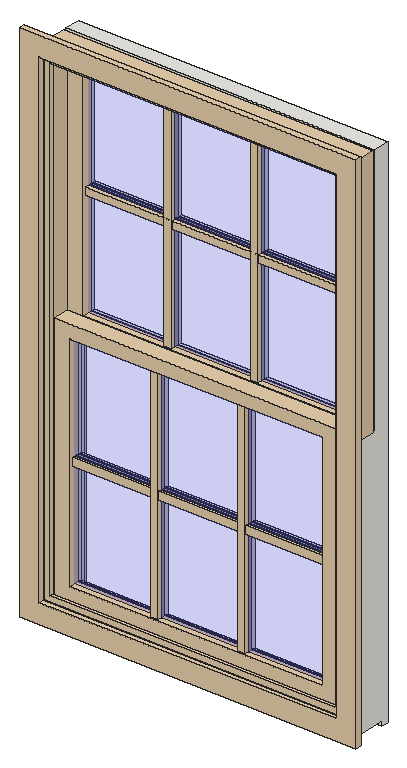
Revit family "Window-Double_Hung-Andersen-400_Series-Tilt_Wash 2", category Windows, host Wall, Revit 2013
Parameters
  Visual Light Transmittance = 0.48  # constant formula
  Thermal Resistance (R) = 0.58645  # 3.3300 (h·ft²·°F)/BTU
  TFL = if(Fractional Lights High > 5, 3, if(or(Fractional Lights High = 4, Fractional Lights High = 5), 2, if(or(Fractional Lights High = 2, Fractional Lights High = 3), 1, 1)))  # 1
  TFB = TFL - 1  # 0
  Solar Heat Gain Coefficient = 0.21  # constant formula
  Sill MO Offset = if(Enter Exterior Trim Number > 0, 0' 1 15/16" + Masonry Opening Offset, 0' 0 1/4")  # 0' - 0 1/4"
  Learn About These Parameters = "http://www.andersenwindows.com/for-professionals/cad-symbols-bim-support-window-doors/bim-support"
  LWide = if(or(Enter Pattern Number = 3, Enter Pattern Number = 4), 3, if(or(Enter Pattern Number = 1, Enter Pattern Number = 2), . . Lights Wide, Fractional Lights Wide))  # 3
  Interior Material = Wood - Andersen - Pine
  Interior Grille Bar = yes
  Heat Transfer Coefficient (U) = 1.7035  # 0.3000 BTU/(h·ft²·°F)
  Head MO Offset = if(Enter Exterior Trim Number > 0, casing4 + Masonry Opening Offset, 0' 0 1/4")  # 0' - 0 1/4"
  Glazing Material = Glass ‐ Andersen - Low-E4 SmartSun
  Fractional Lights Wide = 3  # constant formula
  Fractional Lights High = 3  # constant formula
  Exterior Unit Finish = Vinyl - Andersen - White
  Exterior Grille Bar = yes
  Enter Style Number = 1
  Analytic Construction = "<None>"
  ..Style Number 1 = "Double Hung"  # constant formula
  ..Style Number 2 = "Double Hung Cottage"  # constant formula
  ..Style Number 3 = "Double Hung Reverse Cottage"  # constant formula
  Available Grille Bar Sizes = "3/4'', 7/8'', 1 1/8'', 2 1/4''"  # constant formula
  Between Glass Grille Bar Sizes = "3/4'', 1''"  # constant formula
  Interior Casing = yes
  Grille Bar Size = 0' - 0 7/8"
  Enter Pattern Number = 1
  ..Pattern Number 1 = "Colonial"  # constant formula
  ..Pattern Number 2 = "Colonial Top Sash Only"  # constant formula
  . . Lights Wide = 3
  . . Top Sash Lights High = 2
  . . Bottom Sash Lights High = 2
  ..Pattern Number 3 = "Prairie Each Sash"  # constant formula
  ..Pattern Number 4 = "Prairie Top Sash Only"  # constant formula
  ..Pattern Number 5 = "Short Fractional"  # constant formula
  Extension Jamb = yes
  Enter Exterior Trim Number = 0
  ..Exterior Trim Number 0 = "No Exterior Trim"  # constant formula
  ..Exterior Trim Number 1 = "Brick Mould"  # constant formula
  ..Exterior Trim Number 2 = "3 1/2'' Flat Casing"  # constant formula
  ..Exterior Trim Number 3 = "4 1/2'' Flat Casing"  # constant formula
  Between Glass Grille Bar = yes
  xjamb Visibility [instance] = and(Extension Jamb, and(Wall Depth > 0' 4 1/2", Extension Jamb))  # yes
  xjamb S1 [instance] = if(Wall Depth > 0' 1 7/8", Wall Depth - 0' 4 1/2", 0' 3")  # 0' - 0 1/16"
  sill nose1 = 0' - 1 13/16"  # constant formula
  sill nose 2 = 0' - 1 15/16"  # constant formula
  casingS2 = if(Enter Exterior Trim Number = 1, 0' 0 3/16", 0' 0 3/16")  # 0' - 0 3/16"
  casingS1 = if(Enter Exterior Trim Number = 1, 0' 0 7/16", 0' 0 3/16")  # 0' - 0 3/16"
  casing4 = if(Enter Exterior Trim Number = 1, 0' 1 3/4", if(Enter Exterior Trim Number = 2, 0' 3 1/4", 0' 4 1/4"))  # 0' - 4 1/4"
  casing3 = 0' - 0 1/2"  # constant formula
  casing2 = 0' - 0 7/8"  # constant formula
  casing1 = 0' - 0 1/4"  # constant formula
  Wall Thickness [instance] = 0' - 6"
  Wall Depth [instance] = 0' - 4 9/16"
  Void Offset 2 = if(Enter Exterior Trim Number > 0, 0' 1 15/16", 0' 0")  # 0' - 0"
  Void Offset 1 = if(Enter Exterior Trim Number > 0, casing4, 0' 0")  # 0' - 0"
  Void Depth [instance] = if(Wall Thickness > Wall Depth, 0' 1" + Wall Thickness - Wall Depth, 0' 1")  # 0' - 2 7/16"
  VGB DLO = if(or(Enter Pattern Number = 3, Enter Pattern Number = 4), 0' 4", (H DLO - (Grille Bar Size * (V Bars))) / if(LWide > 2, LWide, 3))  # 0' - 9.20833"
  V Bars = if(LWide > 2, LWide - 1, 2)  # 2
  URL = "www.andersenwindows.com"
  Type Comments = "Vinyl-clad double hung window"
  TS V DLO = Check Rail Location  # 2' - 1 7/8"
  TS V Bar Length = if(Enter Pattern Number = 5, (TS V DLO - ((Fractional Lights High - 1) * Grille Bar Size)) / Fractional Lights High, if(Height > 6' 5 1/2", (Height - HGO - SGO - 0' 1 1/2") * 0.66667, if(and(Height > 2' 5 7/16", Enter Style Number > 1), (Height - HGO - SGO - 0' 1 1/2") * 0.6, (Height - HGO - SGO - 0' 1 1/2") / 2)))  # 2' - 1 7/8"
  TS SH DLO = if(Enter Pattern Number = 5, ((TS V DLO - ((Fractional Lights High - 1) * Grille Bar Size)) / Fractional Lights High) + HGO + (Grille Bar Size / 2), (TS V DLO / 2) + HGO)  # 1' - 3 3/16"
  TS S V = LWide = 2  # no
  TS S H Craftsman = no
  TS S H = or(or(and(. . Top Sash Lights High = 2, or(or(or(Enter Pattern Number = 5, Enter Pattern Number = 6), Enter Pattern Number = 1), Enter Pattern Number = 2)), Enter Pattern Number = 6), Enter Pattern Number = 5)  # yes
  TS M V = or(or(or(or(or(and(LWide > 2, Enter Pattern Number = 1), and(LWide > 2, Enter Pattern Number = 2)), Enter Pattern Number = 3), Enter Pattern Number = 4), Enter Pattern Number = 5), and(LWide > 2, Enter Pattern Number = 6))  # yes
  TS M H = or(or(and(. . Top Sash Lights High > 2, Enter Pattern Number = 1), and(. . Top Sash Lights High > 2, Enter Pattern Number = 2), Enter Pattern Number = 3), Enter Pattern Number = 4)  # no
  TS HGB DLO = if(or(Enter Pattern Number = 3, Enter Pattern Number = 4), 0' 4", if(. . Top Sash Lights High > 2, (TS V Bar Length - (Grille Bar Size * (. . Top Sash Lights High - 1))) / . . Top Sash Lights High, 0' 4"))  # 0' - 4"
  TS H Bars = if(or(Enter Pattern Number = 3, Enter Pattern Number = 4), 2, if(. . Top Sash Lights High > 2, . . Top Sash Lights High - 1, 2))  # 2
  SGO = 0' - 4 1/2"  # constant formula
  Rough Width = Width + (Rough Opening Offset * 2)  # 3' - 0 1/2"
  Rough Opening Offset = 0' - 0 1/4"
  Rough Height = Height + (Rough Opening Offset * 2)  # 5' - 0 1/2"
  Product Documentation Link = "http://www.andersenwindows.com/products/400-series-tilt-wash-double-hung-window/"
  Plan Exterior Mask Visibility [instance] = Plan Exterior Mask 2 > 0' 0 1/32"  # yes
  Plan Exterior Mask 2 [instance] = if(Enter Exterior Trim Number > 0, if(Wall Depth + 0' 1 1/16" + casingS1 > Wall Thickness, 0' 0 1/32", Wall Thickness - Wall Depth - 0' 1 1/16" - casingS1), if(Wall Depth + 0' 1 1/16" > Wall Thickness, 0' 0 1/32", Wall Thickness - Wall Depth - 0' 0 1/16"))  # 0' - 1 3/8"
  Plan Exterior Mask [instance] = if(Enter Exterior Trim Number > 0, 0' 1 1/16" + casingS1, 0' 1 1/16")  # 0' - 1 1/16"
  Nail Fin Visibility = Enter Exterior Trim Number = 0  # yes
  Model = "400-Series Tilt-Wash Double Hung"  # constant formula
  Masonry Width = if(Enter Exterior Trim Number > 0, Width + ((casing4 + Masonry Opening Offset) * 2), Width + (Masonry Opening Offset * 2))  # 3' - 0 1/2"
  Masonry Opening Offset = 0' - 0 1/4"
  Masonry Height = if(Enter Exterior Trim Number > 0, Height + (casing4 + Masonry Opening Offset) + (sill nose 2 + Masonry Opening Offset), Height + (Masonry Opening Offset * 2))  # 5' - 0 1/2"
  Manufacturer = "Andersen Corporation"  # constant formula
  JGO = 0' - 3 5/16"  # constant formula
  Interior Casing Size = 0' - 2 1/4"
  Horizontal Craftsman Bar Size = 0' - 0 3/4"
  Height = 5' - 0"
  HGO = 0' - 2 1/4"  # constant formula
  H DLO = Width - (JGO * 2)  # 2' - 5 3/8"
  Family Version = "06.01.14"  # constant formula
  Exterior Trim Finish = Fibrex Composite - Andersen - White
  Designation = "TW"
  Description = "Vinyl-clad hung window"  # constant formula
  Default Sill Height = 6' 10 1/2" - Rough Height  # 1' - 10"
  Wall Closure = By host
  Width = 3' - 0"
  Coarse Plan [instance] = if(Wall Depth < Wall Thickness, Wall Depth, Wall Thickness)  # 0' - 4 9/16"
  Check Rail Location = if(and(Height > 4' 0 3/4", Height < 5' 9"), if(Enter Style Number = 2, ((Height - HGO - SGO - 0' 1 1/2") / 2) - 0' 6", if(Enter Style Number = 3, ((Height - HGO - SGO - 0' 1 1/2") / 2) + 0' 6", (Height - HGO - SGO - 0' 1 1/2") / 2)), (Height - HGO - SGO - 0' 1 1/2") / 2)  # 2' - 1 7/8"
  Casing Visibility = Enter Exterior Trim Number > 0  # no
  Between Glass Grille Bar Finish = Stainless Steel - Andersen - Standard
  Bar Center Line = if(Enter Pattern Number = 6, 1, 2)  # 2
  BS V DLO = Height - HGO - SGO - 0' 1 1/2" - Check Rail Location  # 2' - 1 7/8"
  BS SH DLO = if(Enter Pattern Number = 5, SGO + 0' 4" + (Grille Bar Size / 2), (BS V DLO / 2) + SGO)  # 1' - 5 7/16"
  BS S V = and(LWide = 2, Enter Pattern Number = 1)  # no
  BS S H = and(. . Bottom Sash Lights High = 2, Enter Pattern Number = 1)  # yes
  BS M V = or(and(LWide > 2, Enter Pattern Number = 1), Enter Pattern Number = 3)  # yes
  BS M H = or(and(. . Bottom Sash Lights High > 2, Enter Pattern Number = 1), Enter Pattern Number = 3)  # no
  BS HGB DLO = if(. . Bottom Sash Lights High > 2, if(Enter Pattern Number = 3, 0' 4", (BS V DLO - (Grille Bar Size * (. . Bottom Sash Lights High - 1))) / . . Bottom Sash Lights High), 0' 4")  # 0' - 4"
  BS H Bars = if(Enter Pattern Number = 3, 2, if(. . Bottom Sash Lights High > 2, . . Bottom Sash Lights High - 1, 2))  # 2
  Assembly Code = "B2020100"
Reference planes (in)
  plane 1 "Center (Front/Back)": y = 0
  plane 2: z = 0
  plane 3 "Center (Left/Right)": x = 0
  plane 4 "R Frame": x = -18
  plane 5 "L Frame": x = 18
  plane 6 "B Frame": z = 22.5
  plane 7 "T Frame": z = 82.5
  plane 8 "L Glazing": x = 14.6875
  plane 9 "L Ext Frame": x = 16.125
  plane 10 "L Int Frame": x = 16.65625
  plane 11 "L Xjamb 1": x = 17.3125
  plane 12 "L Casing 1": x = 17.75
  plane 13 "L Xjamb 2": x = 17.9375
  plane 14 "L Rough Opening": x = 18.25
  plane 15 "L Casing 2": x = 21.375
  plane 16 "L Casing 3": x = 21.75
  plane 17 "L Casing 4": x = 22.25
  plane 18 "R Glazing": x = -14.6875
  plane 19 "R Ext Frame": x = -16.125
  plane 20 "R Int Frame": x = -16.65625
  plane 21 "R Xjamb 1": x = -17.3125
  plane 22 "R Casing 1": x = -17.75
  plane 23 "R Xjamb 2": x = -17.9375
  plane 24 "R Rough Opening": x = -18.25
  plane 25 "R Casing 2": x = -21.375
  plane 26 "R Casing 3": x = -21.75
  plane 27 "R Casing 4": x = -22.25
  plane 28 "R Int Casing": x = -19.5625
  plane 29 "T Glazing": z = 80.25
  plane 30 "T Ext Frame": z = 81.5625
  plane 31 "T Int Frame": z = 81.15625
  plane 32 "T Xjamb 1": z = 81.8125
  plane 33 "T Casing 1": z = 82.25
  plane 34 "T Xjamb 2": z = 82.4375
  plane 35 "T Rough Opening": z = 82.75
  plane 36 "T Casing 2": z = 85.875
  plane 37 "T Casing 3": z = 86.25
  plane 38 "T Casing 4": z = 86.75
  plane 39 "T Int Casing": z = 84.0625
  plane 40 "B Glazing": z = 27
  plane 41 "B Ext Frame": z = 24.4375
  plane 42 "B Int Frame": z = 25.5625
  plane 43 "B Xjamb 2": z = 24.3125
  plane 44 "B Casing 1": z = 21.75
  plane 45 "B Casing 2": z = 20
  plane 46 "B Int Casing": z = 22.6875
  plane 47 "L Int Casing": x = 19.5625
  plane 48 "Casing S1": y = 3.125
  plane 49 "Casing S2": y = 3.125
  plane 50 "Frame S1": y = 2.9375
  plane 51 "Flange": y = 1.5625
  plane 52 "Glass1 S1": y = 0.75
  plane 53 "Glass1 S2": y = 0.625
  plane 54 "Glass1 S3": y = 0.25
  plane 55 "Glass1 S4": y = 0.125
  plane 56 "Sash1 S2": y = -0.5
  plane 57 "Sash2 S1": y = -0.84375
  plane 58 "Glass2 S1": y = -1.1875
  plane 59 "Glass2 S2": y = -1.3125
  plane 60 "Glass2 S3": y = -1.6875
  plane 61 "Glass2 S4": y = -1.8125
  plane 62 "Sash2 S2": y = -2.4375
  plane 63 "Frame S2": y = -2.9375
  plane 64 "B Xjamb 1": z = 24.9375
  plane 65 "B Check Rail": z = 52.875
  plane 66 "Check Rail": z = 53.125
  plane 67 "T Check Rail": z = 54.375
  plane 68 "Exterior Offset": y = 4
  plane 69 "Interior Casing": y = -3.625
  plane 70 "Vertical Bar Length": z = 54.375
  plane 71 "B Rough Opening": z = 22.25
  plane 72 "R Masonry Opening": x = -18.25
  plane 73 "L Masonry Opening": x = 18.25
  plane 74 "T Masonry Opening": z = 82.75
  plane 75 "B Masonry Opening": z = 21.6875
  plane 76 "Xjamb S1": y = -2.9375
  plane 77 "Sash1 S1": y = 1.09375
  plane 78 "Frame S1.1": y = 2.125
  plane 79 "Frame S1.2": y = 1.3125
  plane 80 "R Ext Frame1": x = -16.59375
  plane 81 "R Ext Frame2": x = -17.1875
  plane 82 "L Ext Frame1": x = 16.59375
  plane 83 "L Ext Frame2": x = 17.1875
  plane 84 "T Ext Frame1": z = 81.25
  plane 85 "B Sill Drop": z = 21.9375
Forms (in)
  Extrusion 1, void
    sketch origin (0, 0, 0) x (1, 0, 0) y (0, 0, 1)
      loop
        line (18, 82.5) -> (-18, 82.5) -> (-18, 22.5) -> (18, 22.5) -> (18, 82.5)
    from -1.5625 to 3
  Extrusion 2, void
    sketch origin (0, 0, 0) x (1, 0, 0) y (0, 0, 1)
      loop
        line (18, 82.5) -> (-18, 82.5) -> (-18, 21.9375) -> (18, 21.9375) -> (18, 82.5)
    from -15 to -1.5625
  Extrusion 3, solid, material "Wood - Andersen - Pine" <- "Interior Material", visible <- "xjamb Visibility", detail levels medium+fine
    sketch origin (0, -2.5625, 0) x (-1, 0, 0) y (0, 0, 1)
      loop
        line (17.9375, 82.4375) -> (-17.9375, 82.4375) -> (-17.9375, 24.3125) -> (17.9375, 24.3125) -> (17.9375, 82.4375)
      loop
        line (17.3125, 81.8125) -> (-17.3125, 81.8125) -> (-17.3125, 24.9375) -> (17.3125, 24.9375) -> (17.3125, 81.8125)
    from -0.375 to -0.4375
  Extrusion 4, solid, material "Wood - Andersen - Pine" <- "Interior Material", visible <- "Interior Casing", detail levels fine
    sketch origin (0, -3.625, 0) x (-1, 0, 0) y (0, 0, 1)
      loop
        line (19.5625, 84.0625) -> (-19.5625, 84.0625) -> (-19.5625, 22.6875) -> (19.5625, 22.6875) -> (19.5625, 84.0625)
      loop
        line (17.3125, 81.8125) -> (-17.3125, 81.8125) -> (-17.3125, 24.9375) -> (17.3125, 24.9375) -> (17.3125, 81.8125)
    from 0 to 0.625
  Extrusion 5, solid, material "Fibrex Composite - Andersen - White" <- "Exterior Trim Finish", visible <- "Casing Visibility", detail levels medium+fine
    sketch origin (0, 0, 0) x (0, 1, 0) y (0, 0, 1)
      loop
        line (2.9375, 21.82714) -> (2.9375, 22.5) -> (1.5625, 22.5) -> (1.5625, 20) -> (3.375, 20) -> (3.375, 21.75) -> (2.9375, 21.82714)
    from -22.25 to 22.25
  Sweep 6, solid, material "Fibrex Composite - Andersen - White" <- "Exterior Trim Finish", visible <- "Casing Visibility", detail levels medium+fine
    path origin (0, 1.5625, 0) x (-1, 0, 0) y (0, 0, 1)
      loop
        line (-22.25, 20) -> (-22.25, 86.75) -> (22.25, 86.75) -> (22.25, 20)
    profile origin (22.25, 1.5625, 53.375) x (1, 0, 0) y (0, 1, 0)
      loop
        line (-0.875, 1.5625) -> (-4.5, 1.5625) -> (-4.5, 0) -> (0, 0) -> (0, 1.5625) -> (-0.5, 1.5625) -> (-0.875, 1.5625)
  Extrusion 7, solid, material "Fibrex Composite - Andersen - White" <- "Exterior Trim Finish", visible <- "Casing Visibility", detail levels coarse
    sketch origin (0, 1.5625, 0) x (-1, 0, 0) y (0, 0, 1)
      loop
        line (-22.25, 86.75) -> (-22.25, 20) -> (22.25, 20) -> (22.25, 86.75) -> (-22.25, 86.75)
      loop
        line (-17.75, 82.25) -> (-17.75, 22.5) -> (17.75, 22.5) -> (17.75, 82.25) -> (-17.75, 82.25)
    from 0 to 1.5625
  Extrusion 8, solid, material "Wood - Andersen - Pine" <- "Interior Material"
    sketch origin (0, -0.5, 0) x (-1, 0, 0) y (0, 0, 1)
      loop
        line (16.59375, 81.5625) -> (-16.59375, 81.5625) -> (-16.59375, 53.125) -> (16.59375, 53.125) -> (16.59375, 81.5625)
      loop
        line (14.6875, 80.25) -> (-14.6875, 80.25) -> (-14.6875, 54.375) -> (14.6875, 54.375) -> (14.6875, 80.25)
    from 0 to 1.25
  Extrusion 9, solid, material "Vinyl - Andersen - White" <- "Exterior Unit Finish"
    sketch origin (0, 45.99825, 0) x (-1, 0, 0) y (0, 0, 1)
      loop
        line (-14.6875, 80.25) -> (14.6875, 80.25) -> (14.6875, 54.375) -> (16.59375, 54.375) -> (16.59375, 81.5625) -> (-16.59375, 81.5625) -> (-16.59375, 54.375) -> (-14.6875, 54.375) -> (-14.6875, 80.25)
    from -44.9045 to -45.24825
  Extrusion 10, solid, material "Wood - Andersen - Pine" <- "Interior Material"
    sketch origin (0, -2.4375, 0) x (-1, 0, 0) y (0, 0, 1)
      loop
        line (-14.6875, 27) -> (-14.6875, 52.875) -> (-16.59375, 52.875) -> (-16.59375, 24.4375) -> (16.59375, 24.4375) -> (16.59375, 52.875) -> (14.6875, 52.875) -> (14.6875, 27) -> (-14.6875, 27)
    from 0 to 1.25
  Extrusion 11, solid, material "Vinyl - Andersen - White" <- "Exterior Unit Finish"
    sketch origin (0, -0.84375, 0) x (-1, 0, 0) y (0, 0, 1)
      loop
        line (-16.59375, 53.125) -> (-16.59375, 24.4375) -> (16.59375, 24.4375) -> (16.59375, 53.125) -> (-16.59375, 53.125)
      loop
        line (-14.6875, 52.875) -> (-14.6875, 27) -> (14.6875, 27) -> (14.6875, 52.875) -> (-14.6875, 52.875)
    from 0 to -0.34375
  Extrusion 12, solid, material "Wood - Andersen - Pine" <- "Interior Material"
    sketch origin (0, 0, 0) x (0, 1, 0) y (0, 0, 1)
      loop
        line (-0.5, 54.375) -> (-2.4375, 54.375) -> (-2.4375, 52.875) -> (-1.1875, 52.875) -> (-1.1875, 53.125) -> (-0.5, 53.125) -> (-0.5, 54.375)
    from -16.59375 to 16.59375
  Extrusion 13, solid, material "Glass ‐ Andersen - Low-E4 SmartSun" <- "Glazing Material"
    sketch origin (0, 0.125, 0) x (-1, 0, 0) y (0, 0, 1)
      loop
        line (-14.6875, 80.25) -> (-14.6875, 54.375) -> (14.6875, 54.375) -> (14.6875, 80.25) -> (-14.6875, 80.25)
    from 0 to 0.625
  Extrusion 14, solid, material "Glass ‐ Andersen - Low-E4 SmartSun" <- "Glazing Material"
    sketch origin (0, -1.8125, 0) x (-1, 0, 0) y (0, 0, 1)
      loop
        line (-14.6875, 52.875) -> (-14.6875, 27) -> (14.6875, 27) -> (14.6875, 52.875) -> (-14.6875, 52.875)
    from 0 to 0.625
  Extrusion 15, solid, material "Vinyl - Andersen - White" <- "Exterior Unit Finish"
    sketch origin (0, 0, 0) x (0, 1, 0) y (0, 0, 1)
      loop
        line (1.09375, 54.375) -> (0.75, 54.375) -> (0.75, 53.125) -> (-0.84375, 53.125) -> (-0.84375, 52.875) -> (1.09375, 52.875) -> (1.09375, 54.375)
    from -16.59375 to 16.59375
  Extrusion 16, solid, material "Vinyl - Andersen - White" <- "Exterior Unit Finish", detail levels medium+fine
    sketch origin (0, 0, 0) x (0, 1, 0) y (0, 0, 1)
      loop
        line (2.125, 21.9375) -> (2.9375, 21.9375) -> (2.9375, 22.96875) -> (2.54565, 23.07123) -> (2.54565, 23.47748) -> (-1.1875, 24.45385) -> (-1.1875, 23.0326) -> (0.8489, 22.5) -> (2.125, 22.5) -> (2.125, 21.9375)
      loop
        line (1.09375, 82.5) -> (1.09375, 81.25) -> (2.125, 81.25) -> (2.125, 81.5625) -> (2.9375, 81.5625) -> (2.9375, 82.5) -> (1.09375, 82.5)
    from -18 to 18
  Extrusion 17, solid, material "Wood - Andersen - Pine" <- "Interior Material"
    sketch origin (0, 0, 0) x (0, 1, 0) y (0, 0, 1)
      loop
        line (-1.1875, 24.45385) -> (-2.4375, 24.78077) -> (-2.4375, 25.5625) -> (-2.9375, 25.5625) -> (-2.9375, 23.49029) -> (-1.1875, 23.0326) -> (-1.1875, 24.45385)
      loop
        line (0.75, 81.8125) -> (0.75, 82.5) -> (-2.9375, 82.5) -> (-2.9375, 81.15625) -> (-2.4375, 81.15625) -> (-2.4375, 81.8125) -> (0.75, 81.8125)
    from -18 to 18
  Extrusion 18, solid, material "Vinyl - Andersen - White" <- "Exterior Unit Finish", detail levels medium+fine
    sketch origin (0, 0, 52.875) x (0, -1, 0) y (1, 0, 0)
      loop
        line (1.1875, -18) -> (1.1875, -16.59375) -> (-1.09375, -16.59375) -> (-1.09375, -16.125) -> (-1.3125, -16.125) -> (-1.3125, -16.59375) -> (-2.125, -16.91282) -> (-2.125, -17.1875) -> (-2.9375, -17.1875) -> (-2.9375, -18) -> (1.1875, -18)
      loop
        line (1.1875, 18) -> (-2.9375, 18) -> (-2.9375, 17.1875) -> (-2.125, 17.1875) -> (-2.125, 16.91282) -> (-1.3125, 16.59375) -> (-1.3125, 16.125) -> (-1.09375, 16.125) -> (-1.09375, 16.59375) -> (1.1875, 16.59375) -> (1.1875, 18)
    from -30.375 to 0.25
  Extrusion 19, solid, material "Wood - Andersen - Pine" <- "Interior Material"
    sketch origin (0, 0, 52.875) x (0, -1, 0) y (1, 0, 0)
      loop
        line (1.1875, -16.59375) -> (1.1875, -18) -> (2.9375, -18) -> (2.9375, -16.65625) -> (2.4375, -16.65625) -> (2.4375, -16.59375) -> (1.1875, -16.59375)
      loop
        line (2.4375, 16.59375) -> (2.4375, 16.65625) -> (2.9375, 16.65625) -> (2.9375, 18) -> (1.1875, 18) -> (1.1875, 16.59375) -> (2.4375, 16.59375)
    from -28.4375 to 0.25
  Extrusion 20, solid, material "Vinyl - Andersen - White" <- "Exterior Unit Finish", detail levels medium+fine
    sketch origin (0, 0, 52.875) x (0, -1, 0) y (1, 0, 0)
      loop
        line (-1.09375, -18) -> (-1.09375, -16.125) -> (-1.3125, -16.125) -> (-1.3125, -16.59375) -> (-2.125, -16.91282) -> (-2.125, -17.1875) -> (-2.9375, -17.1875) -> (-2.9375, -18) -> (-1.09375, -18)
      loop
        line (-1.3125, 16.125) -> (-1.09375, 16.125) -> (-1.09375, 18) -> (-2.9375, 18) -> (-2.9375, 17.1875) -> (-2.125, 17.1875) -> (-2.125, 16.91282) -> (-1.3125, 16.59375) -> (-1.3125, 16.125)
    from 0.25 to 29.625
  Extrusion 21, solid, material "Wood - Andersen - Pine" <- "Interior Material"
    sketch origin (0, 0, 52.875) x (0, -1, 0) y (1, 0, 0)
      loop
        line (2.9375, -18) -> (2.9375, -16.65625) -> (2.4375, -16.65625) -> (2.4375, -16.59375) -> (-0.75, -16.59375) -> (-0.75, -18) -> (2.9375, -18)
      loop
        line (2.4375, 16.59375) -> (2.4375, 16.65625) -> (2.9375, 16.65625) -> (2.9375, 18) -> (-0.75, 18) -> (-0.75, 16.59375) -> (2.4375, 16.59375)
    from 0.25 to 29.625
  Extrusion 22, solid, material "Vinyl - Andersen - White" <- "Exterior Unit Finish", detail levels coarse
    sketch origin (0, 1.5625, 0) x (-1, 0, 0) y (0, 0, 1)
      loop
        line (-18, 53.125) -> (-18, 21.9375) -> (18, 21.9375) -> (18, 53.125) -> (16.125, 53.125) -> (16.125, 24.4375) -> (-16.125, 24.4375) -> (-16.125, 53.125) -> (-18, 53.125)
    from -2.75 to 1.375
  Extrusion 23, solid, material "Vinyl - Andersen - White" <- "Exterior Unit Finish", detail levels coarse
    sketch origin (0, 1.5625, 0) x (-1, 0, 0) y (0, 0, 1)
      loop
        line (-18, 53.125) -> (-16.125, 53.125) -> (-16.125, 81.25) -> (16.125, 81.25) -> (16.125, 53.125) -> (18, 53.125) -> (18, 82.5) -> (-18, 82.5) -> (-18, 53.125)
    from -0.8125 to 1.375
Cuts and joins
  joined: Extrusion 5, Sweep 6
  joined: Extrusion 10, Extrusion 12
  joined: Extrusion 9, Extrusion 15
  joined: Extrusion 17, Extrusion 19, Extrusion 21
  joined: Extrusion 16, Extrusion 18, Extrusion 20
  joined: Extrusion 22, Extrusion 23
Lines and regions (in)
  Masking region 1, detail levels medium+fine
    outline origin (0, 0, 22.5) x (0, -1, 0) y (1, 0, 0)
      loop
        line (-2.9375, -18) -> (2.9375, -18) -> (2.9375, 18) -> (-2.9375, 18) -> (-2.9375, -18)
  Masking region 2, visible <- "Casing Visibility", detail levels medium+fine
    outline origin (0, 0, 22.5) x (0, -1, 0) y (1, 0, 0)
      loop
        line (-2.9375, -18) -> (-2.9375, 18) -> (-1.5625, 18) -> (-1.5625, 22.25) -> (-3.125, 22.25) -> (-3.125, -22.25) -> (-1.5625, -22.25) -> (-1.5625, -18) -> (-2.9375, -18)
  Masking region 3, visible <- "Nail Fin Visibility", detail levels coarse
    outline origin (0, 0, 22.5) x (0, -1, 0) y (1, 0, 0)
      loop
        line (-4, -18) -> (3, -18) -> (3, 18) -> (-4, 18) -> (-4, -18)
  Masking region 4
    outline origin (0, 0, 0) x (0, 1, 0) y (0, 0, 1)
      loop
        line (2.9375, 82.5) -> (-2.9375, 82.5) -> (-2.9375, 23.49029) -> (0.8489, 22.5) -> (1.96875, 22.5) -> (1.96875, 21.9375) -> (2.9375, 21.9375) -> (2.9375, 82.5)
  Masking region 5, visible <- "Casing Visibility"
    outline origin (0, 0, 0) x (0, 1, 0) y (0, 0, 1)
      loop
        line (2.9375, 21.82714) -> (2.9375, 21.9375) -> (1.5625, 21.9375) -> (1.5625, 20) -> (3.375, 20) -> (3.375, 21.75) -> (2.9375, 21.82714)
  Masking region 6, visible <- "Casing Visibility"
    outline origin (0, 0, 0) x (0, 1, 0) y (0, 0, 1)
      loop
        line (2.9375, 82.5) -> (2.9375, 21.82714) -> (3.125, 21.79408) -> (3.125, 86.75) -> (1.5625, 86.75) -> (1.5625, 82.5) -> (2.9375, 82.5)
  Masking region 7, visible <- "Casing Visibility"
    outline origin (0, 2.9375, 0) x (-1, 0, 0) y (0, 0, 1)
      loop
        line (-22.25, 86.75) -> (-22.25, 20) -> (22.25, 20) -> (22.25, 86.75) -> (-22.25, 86.75)
  Masking region 8
    outline origin (0, 2.9375, 0) x (-1, 0, 0) y (0, 0, 1)
      loop
        line (-18, 82.5) -> (-18, 21.9375) -> (18, 21.9375) -> (18, 82.5) -> (-18, 82.5)
  Masking region 9
    outline origin (0, -2.9375, 0) x (-1, 0, 0) y (0, 0, 1)
      loop
        line (18, 82.5) -> (-18, 82.5) -> (-18, 22.5) -> (18, 22.5) -> (18, 82.5)
  Masking region 10, visible <- "Interior Casing", detail levels fine
    outline origin (0, -3.625, 0) x (-1, 0, 0) y (0, 0, 1)
      loop
        line (19.5625, 84.0625) -> (-19.5625, 84.0625) -> (-19.5625, 22.6875) -> (19.5625, 22.6875) -> (19.5625, 84.0625)
      loop
        line (17.3125, 81.8125) -> (-17.3125, 81.8125) -> (-17.3125, 24.9375) -> (17.3125, 24.9375) -> (17.3125, 81.8125)
  Masking region 11, visible <- "Casing Visibility", detail levels coarse
    outline origin (0, 0, 22.5) x (0, -1, 0) y (1, 0, 0)
      loop
        line (-4, -22.25) -> (-1.5625, -22.25) -> (-1.5625, -18) -> (3, -18) -> (3, 18) -> (-1.5625, 18) -> (-1.5625, 22.25) -> (-4, 22.25) -> (-4, -22.25)
  Masking region 12, visible <- "xjamb Visibility", detail levels medium+fine
    outline origin (0, 0, 22.5) x (0, -1, 0) y (1, 0, 0)
      loop
        line (2.9375, -17.9375) -> (3, -17.9375) -> (3, 17.9375) -> (2.9375, 17.9375) -> (2.9375, -17.9375)
  Masking region 13, visible <- "Interior Casing", detail levels fine
    outline origin (0, 0, 22.5) x (0, -1, 0) y (1, 0, 0)
      loop
        line (3, -19.5625) -> (3.625, -19.5625) -> (3.625, 19.5625) -> (3, 19.5625) -> (3, -19.5625)
  Masking region 14, visible <- "xjamb Visibility", detail levels medium+fine
    outline origin (0, 0, 0) x (0, 1, 0) y (0, 0, 1)
      loop
        line (-2.9375, 82.4375) -> (-3, 82.4375) -> (-3, 24.3125) -> (-2.9375, 24.3125) -> (-2.9375, 82.4375)
  Masking region 15, visible <- "Interior Casing", detail levels fine
    outline origin (0, 0, 0) x (0, 1, 0) y (0, 0, 1)
      loop
        line (-3, 84.0625) -> (-3.625, 84.0625) -> (-3.625, 22.6875) -> (-3, 22.6875) -> (-3, 84.0625)
  symbolic lines, style "WindowsFrameMullionProjection", visible <- "Casing Visibility", detail levels fine
    curve 1: line (21.75, 3.125, 22.5) -> (21.375, 3.125, 22.5)
    curve 2: line (21.375, 3.125, 22.5) -> (17.75, 3.125, 22.5)
    curve 3: line (17.75, 3.125, 22.5) -> (17.75, 2.9375, 22.5)
    curve 4: line (-21.75, 3.125, 22.5) -> (-21.375, 3.125, 22.5)
    curve 5: line (-21.375, 3.125, 22.5) -> (-17.75, 3.125, 22.5)
    curve 6: line (-17.75, 3.125, 22.5) -> (-17.75, 2.9375, 22.5)
  symbolic lines, style "WindowsGlassProjection", detail levels medium+fine
    curve 7: line (-14.6875, 0.75, 22.5) -> (14.6875, 0.75, 22.5)
    curve 10: line (-14.6875, 0.125, 22.5) -> (14.6875, 0.125, 22.5)
    curve 11: line (-14.6875, -1.1875, 22.5) -> (14.6875, -1.1875, 22.5)
    curve 14: line (-14.6875, -1.8125, 22.5) -> (14.6875, -1.8125, 22.5)
  symbolic lines, style "WindowsGlassProjection", detail levels fine
    curve 8: line (-14.6875, 0.625, 22.5) -> (14.6875, 0.625, 22.5)
    curve 9: line (-14.6875, 0.25, 22.5) -> (14.6875, 0.25, 22.5)
    curve 12: line (-14.6875, -1.3125, 22.5) -> (14.6875, -1.3125, 22.5)
    curve 13: line (-14.6875, -1.6875, 22.5) -> (14.6875, -1.6875, 22.5)
    curve 38: line (0, 0.625, 80.25) -> (0, 0.625, 54.375)
    curve 39: line (0, -1.3125, 52.875) -> (0, -1.3125, 27)
    curve 40: line (0, 0.25, 80.25) -> (0, 0.25, 54.375)
    curve 41: line (0, -1.6875, 52.875) -> (0, -1.6875, 27)
    curve 78: line (-15.28125, 0.625, 46.25) -> (-14.6875, 0.625, 46.25)
    curve 79: line (-15.28125, 0.25, 46.25) -> (-14.6875, 0.25, 46.25)
    curve 80: line (-14.8125, 0.625, 46.25) -> (-14.8125, 0.25, 46.25)
    curve 107: line (0, 0.625, 80.875) -> (0, 0.625, 80.25)
    curve 108: line (0, 0.25, 80.875) -> (0, 0.25, 80.25)
    curve 109: line (0, 0.625, 80.375) -> (0, 0.25, 80.375)
    curve 131: line (0, -1.3125, 27) -> (0, -1.3125, 26.33225)
    curve 132: line (0, -1.6875, 27) -> (0, -1.6875, 26.33225)
    curve 133: line (0, -1.3125, 26.875) -> (0, -1.6875, 26.875)
    curve 144: line (0, -1.3125, 52.875) -> (0, -1.3125, 53.54275)
    curve 145: line (0, -1.6875, 52.875) -> (0, -1.6875, 53.54275)
    curve 146: line (0, -1.3125, 53) -> (0, -1.6875, 53)
    curve 151: line (0, 0.625, 53.68125) -> (0, 0.625, 54.375)
    curve 152: line (0, 0.25, 53.68125) -> (0, 0.25, 54.375)
    curve 153: line (0, 0.625, 54.25) -> (0, 0.25, 54.25)
    curve 201: line (-15.28125, -1.3125, 46.25) -> (-14.6875, -1.3125, 46.25)
    curve 202: line (-15.28125, -1.6875, 46.25) -> (-14.6875, -1.6875, 46.25)
    curve 203: line (-14.8125, -1.3125, 46.25) -> (-14.8125, -1.6875, 46.25)
    curve 249: line (15.28125, 0.625, 46.25) -> (14.6875, 0.625, 46.25)
    curve 250: line (15.28125, 0.25, 46.25) -> (14.6875, 0.25, 46.25)
    curve 251: line (14.8125, 0.625, 46.25) -> (14.8125, 0.25, 46.25)
    curve 267: line (15.28125, -1.3125, 46.25) -> (14.6875, -1.3125, 46.25)
    curve 268: line (15.28125, -1.6875, 46.25) -> (14.6875, -1.6875, 46.25)
    curve 269: line (14.8125, -1.3125, 46.25) -> (14.8125, -1.6875, 46.25)
  symbolic lines, style "WindowsFrameMullionProjection", detail levels medium
    curve 15: line (-16.65625, 1.09375, 22.5) -> (-14.6875, 1.09375, 22.5)
    curve 16: line (-14.6875, 1.09375, 22.5) -> (-14.6875, -0.5, 22.5)
    curve 17: line (-14.6875, -0.5, 22.5) -> (-16.65625, -0.5, 22.5)
    curve 18: line (-16.65625, -0.84375, 22.5) -> (-14.6875, -0.84375, 22.5)
    curve 19: line (-14.6875, -0.84375, 22.5) -> (-14.6875, -2.4375, 22.5)
    curve 20: line (-14.6875, -2.4375, 22.5) -> (-16.65625, -2.4375, 22.5)
    curve 21: line (-16.65625, 2.9375, 22.5) -> (-16.65625, -2.9375, 22.5)
    curve 22: line (16.65625, 1.09375, 22.5) -> (14.6875, 1.09375, 22.5)
    curve 23: line (14.6875, 1.09375, 22.5) -> (14.6875, -0.5, 22.5)
    curve 24: line (14.6875, -0.5, 22.5) -> (16.65625, -0.5, 22.5)
    curve 25: line (16.65625, -0.84375, 22.5) -> (14.6875, -0.84375, 22.5)
    curve 26: line (14.6875, -0.84375, 22.5) -> (14.6875, -2.4375, 22.5)
    curve 27: line (14.6875, -2.4375, 22.5) -> (16.65625, -2.4375, 22.5)
    curve 28: line (16.65625, 2.9375, 22.5) -> (16.65625, -2.9375, 22.5)
  symbolic lines, style "WindowsFrameMullionProjection", detail levels coarse
    curve 29: line (-16.65625, -3, 22.5) -> (-16.65625, 4, 22.5)
    curve 30: line (16.65625, -3, 22.5) -> (16.65625, 4, 22.5)
    curve 57: line (18, 2.9375, 52.875) -> (-18, 2.9375, 52.875)
    curve 62: line (-18, -2.9375, 54.375) -> (18, -2.9375, 54.375)
  symbolic lines, style "WindowsGlassProjection", detail levels coarse
    curve 31: line (-16.65625, 0, 22.5) -> (16.65625, 0, 22.5)
    curve 32: line (-16.65625, 1, 22.5) -> (16.65625, 1, 22.5)
  symbolic lines, style "WindowsFrameMullionProjection", visible <- "Casing Visibility"
    curve 33: line (0, 3.125, 86.25) -> (0, 3.125, 85.875)
    curve 34: line (0, 3.125, 85.875) -> (0, 3.125, 82.25)
    curve 35: line (0, 3.125, 82.25) -> (0, 2.9375, 82.25)
  symbolic lines, style "WindowsGlassProjection"
    curve 36: line (0, 0.75, 80.25) -> (0, 0.75, 54.375)
    curve 37: line (0, -1.1875, 52.875) -> (0, -1.1875, 27)
    curve 42: line (0, 0.125, 80.25) -> (0, 0.125, 54.375)
    curve 43: line (0, -1.8125, 52.875) -> (0, -1.8125, 27)
  symbolic lines, style "WindowsFrameMullionProjection", detail levels medium+fine
    curve 44: line (16.125, 2.9375, 81.5625) -> (-16.125, 2.9375, 81.5625)
    curve 45: line (16.125, 2.9375, 24.4375) -> (16.125, 2.9375, 81.5625)
    curve 46: line (-16.125, 2.9375, 24.4375) -> (16.125, 2.9375, 24.4375)
    curve 47: line (-16.125, 2.9375, 81.5625) -> (-16.125, 2.9375, 24.4375)
    curve 56: line (16.125, 2.9375, 52.875) -> (-16.125, 2.9375, 52.875)
    curve 58: line (-16.65625, -2.9375, 81.15625) -> (16.65625, -2.9375, 81.15625)
    curve 59: line (-16.65625, -2.9375, 25.5625) -> (-16.65625, -2.9375, 81.15625)
    curve 60: line (16.65625, -2.9375, 25.5625) -> (-16.65625, -2.9375, 25.5625)
    curve 61: line (16.65625, -2.9375, 81.15625) -> (16.65625, -2.9375, 25.5625)
    curve 63: line (-16.65625, -2.9375, 54.375) -> (16.65625, -2.9375, 54.375)
  symbolic lines, style "WindowsFrameMullionProjection"
    curve 48: line (14.6875, 0, 80.25) -> (-14.6875, 0, 80.25)
    curve 49: line (14.6875, 0, 54.375) -> (14.6875, 0, 80.25)
    curve 50: line (-14.6875, 0, 54.375) -> (14.6875, 0, 54.375)
    curve 51: line (-14.6875, 0, 80.25) -> (-14.6875, 0, 54.375)
    curve 52: line (14.6875, 0, 52.875) -> (-14.6875, 0, 52.875)
    curve 53: line (14.6875, 0, 27) -> (14.6875, 0, 52.875)
    curve 54: line (-14.6875, 0, 27) -> (14.6875, 0, 27)
    curve 55: line (-14.6875, 0, 52.875) -> (-14.6875, 0, 27)
    curve 68: line (0, 0.75, 54.375) -> (0, 1.09375, 54.21875)
    curve 81: line (0, 1.09375, 80.40625) -> (0, 0.75, 80.25)
    curve 82: line (0, 0.75, 80.25) -> (0, 0.75, 81.125)
    curve 83: line (0, 0.75, 80.875) -> (0, 0.125, 80.875)
    curve 84: line (0, 0.125, 80.25) -> (0, 0.125, 80.875)
    curve 85: line (0, -0.5, 80.40625) -> (0, 0.125, 80.25)
    curve 86: line (0, -0.5, 81.8125) -> (0, -0.5, 80.40625)
    curve 87: line (0, 2.9375, 81.5625) -> (0, 2.125, 81.5625)
    curve 88: line (0, 2.125, 81.5625) -> (0, 2.125, 81.25)
    curve 89: line (0, 2.125, 81.25) -> (0, 0.875, 81.25)
    curve 90: line (0, 1.09375, 80.40625) -> (0, 1.09375, 81.125)
    curve 91: line (0, 0.875, 81.8125) -> (0, -2.4375, 81.8125)
    curve 92: line (0, -2.4375, 81.8125) -> (0, -2.4375, 81.15625)
    curve 93: line (0, -2.65625, 81.15625) -> (0, -2.9375, 81.4375)
    curve 113: line (0, 2.54565, 23.47748) -> (0, -2.4375, 24.78077)
    curve 114: line (0, -2.4375, 24.78077) -> (0, -2.4375, 26.8413)
    curve 115: line (0, -2.75, 25.5625) -> (0, -2.9375, 25.375)
    curve 116: line (0, -1.8125, 27) -> (0, -2.4375, 26.8413)
    curve 117: line (0, -1.8125, 26.33225) -> (0, -1.8125, 27)
    curve 118: line (0, -1.1875, 26.33225) -> (0, -1.8125, 26.33225)
    curve 119: line (0, -1.1875, 27) -> (0, -1.1875, 26.0288)
    curve 120: line (0, -0.84375, 26.8413) -> (0, -1.1875, 27)
    curve 121: line (0, -0.84375, 26.4038) -> (0, -0.84375, 26.8413)
    curve 137: line (0, -2.4375, 54.25) -> (0, -2.4375, 53.03125)
    curve 138: line (0, -1.8125, 52.875) -> (0, -2.4375, 53.03125)
    curve 139: line (0, -1.8125, 53.54275) -> (0, -1.8125, 52.875)
    curve 140: line (0, -1.1875, 53.54275) -> (0, -1.8125, 53.54275)
    curve 141: line (0, -1.1875, 52.875) -> (0, -1.1875, 53.54275)
    curve 142: line (0, -0.84375, 52.875) -> (0, -1.1875, 52.875)
    curve 143: line (0, -0.84375, 54.25) -> (0, -0.84375, 52.875)
    curve 147: line (0, 0.75, 54.375) -> (0, 0.75, 53.5)
    curve 148: line (0, 0.75, 53.68125) -> (0, 0.125, 53.68125)
    curve 149: line (0, 0.125, 54.375) -> (0, 0.125, 53.68125)
    curve 150: line (0, -0.28, 54.25) -> (0, 0.125, 54.375)
    curve 154: line (0, 0.875, 52.875) -> (0, -0.84375, 52.875)
    curve 155: line (0, 1.09375, 53.5) -> (0, 1.09375, 54.21875)
    curve 156: line (0, -0.28, 54.25) -> (0, -2.4375, 54.25)
    curve 276: line (0, 1.09375, 81.125) -> (0, 0.75, 81.125)
    curve 277: line (0, 0.875, 81.125) -> (0, 0.875, 81.8125)
    curve 280: line (0, -2.4375, 81.15625) -> (0, -2.65625, 81.15625)
    curve 282: line (0, -1.0625, 24.42115) -> (0, -1.0625, 26.0288)
    curve 284: line (0, -0.84375, 26.4038) -> (0, -1.0625, 26.0288)
    curve 286: line (0, -2.75, 25.5625) -> (0, -2.4375, 25.5625)
    curve 287: line (0, 2.54565, 23.07123) -> (0, 2.54565, 23.47748)
    curve 290: line (0, 2.9375, 22.96875) -> (0, 2.54565, 23.07123)
    curve 292: line (0, -1.1875, 26.0288) -> (0, -1.0625, 26.0288)
    curve 294: line (0, 0.875, 52.875) -> (0, 0.875, 53.5)
    curve 295: line (0, 0.75, 53.5) -> (0, 1.09375, 53.5)
  symbolic lines, style "WindowsFrameMullionProjection", visible <- "Casing Visibility", detail levels medium
    curve 64: line (-18, 2.9375, 22.5) -> (-18, 3.125, 22.5)
    curve 65: line (18, 3.125, 22.5) -> (18, 2.9375, 22.5)
  symbolic lines, style "WindowsFrameMullionProjection", visible <- "Nail Fin Visibility", detail levels medium+fine
    curve 66: line (-18, 1.5625, 0) -> (-19.5, 1.5625, 0)
    curve 243: line (18, 1.5625, 0) -> (19.5, 1.5625, 0)
  symbolic lines, style "WindowsFrameMullionProjection", visible <- "Nail Fin Visibility"
    curve 67: line (0, 1.5625, 82.5) -> (0, 1.5625, 84)
    curve 69: line (0, 1.5625, 21) -> (0, 1.5625, 22.5)
  symbolic lines, style "WindowsFrameMullionProjection", visible <- "Nail Fin Visibility", not visible
    curve 70: line (0, 69.99411, 71.7698) -> (0, 69.99411, 73.2698)
    curve 72: line (0, 70.16253, 57.16759) -> (0, 70.16253, 58.66759)
  symbolic lines, style "WindowsFrameMullionProjection", not visible
    curve 71: line (0, 67.87266, 67.02244) -> (0, 68.21641, 66.86619)
    curve 94: line (0, 69.52536, 69.67605) -> (0, 69.18161, 69.5198)
    curve 95: line (0, 69.18161, 69.5198) -> (0, 69.18161, 70.3948)
    curve 96: line (0, 69.18161, 70.1448) -> (0, 68.55661, 70.1448)
    curve 97: line (0, 68.55661, 69.5198) -> (0, 68.55661, 70.1448)
    curve 98: line (0, 67.93161, 69.67605) -> (0, 68.55661, 69.5198)
    curve 99: line (0, 67.93161, 71.0823) -> (0, 67.93161, 69.67605)
    curve 100: line (0, 71.36911, 70.8323) -> (0, 70.55661, 70.8323)
    curve 101: line (0, 70.55661, 70.8323) -> (0, 70.55661, 70.5198)
    curve 102: line (0, 70.55661, 70.5198) -> (0, 69.30661, 70.5198)
    curve 103: line (0, 69.52536, 69.67605) -> (0, 69.52536, 70.3948)
    curve 104: line (0, 69.30661, 71.0823) -> (0, 65.99411, 71.0823)
    curve 105: line (0, 65.99411, 71.0823) -> (0, 65.99411, 70.42605)
    curve 106: line (0, 65.77536, 70.42605) -> (0, 65.49411, 70.7073)
    curve 122: line (0, 71.14568, 59.64507) -> (0, 66.16253, 60.94836)
    curve 123: line (0, 66.16253, 60.94836) -> (0, 66.16253, 63.00889)
    curve 124: line (0, 65.85003, 61.73009) -> (0, 65.66253, 61.54259)
    curve 125: line (0, 66.78753, 63.16759) -> (0, 66.16253, 63.00889)
    curve 126: line (0, 66.78753, 62.49984) -> (0, 66.78753, 63.16759)
    curve 127: line (0, 67.41253, 62.49984) -> (0, 66.78753, 62.49984)
    curve 128: line (0, 67.41253, 63.16759) -> (0, 67.41253, 62.19639)
    curve 129: line (0, 67.75628, 63.00889) -> (0, 67.41253, 63.16759)
    curve 130: line (0, 67.75628, 62.57139) -> (0, 67.75628, 63.00889)
    curve 157: line (0, 64.68516, 66.89744) -> (0, 64.68516, 65.67869)
    curve 158: line (0, 65.31016, 65.52244) -> (0, 64.68516, 65.67869)
    curve 159: line (0, 65.31016, 66.19019) -> (0, 65.31016, 65.52244)
    curve 160: line (0, 65.93516, 66.19019) -> (0, 65.31016, 66.19019)
    curve 161: line (0, 65.93516, 65.52244) -> (0, 65.93516, 66.19019)
    curve 162: line (0, 66.27891, 65.52244) -> (0, 65.93516, 65.52244)
    curve 163: line (0, 66.27891, 66.89744) -> (0, 66.27891, 65.52244)
    curve 167: line (0, 67.87266, 67.02244) -> (0, 67.87266, 66.14744)
    curve 168: line (0, 67.87266, 66.32869) -> (0, 67.24766, 66.32869)
    curve 169: line (0, 67.24766, 67.02244) -> (0, 67.24766, 66.32869)
    curve 170: line (0, 66.84266, 66.89744) -> (0, 67.24766, 67.02244)
    curve 174: line (0, 67.99766, 65.52244) -> (0, 66.27891, 65.52244)
    curve 175: line (0, 68.21641, 66.14744) -> (0, 68.21641, 66.86619)
    curve 176: line (0, 66.84266, 66.89744) -> (0, 64.68516, 66.89744)
    curve 278: line (0, 69.52536, 70.3948) -> (0, 69.18161, 70.3948)
    curve 279: line (0, 69.30661, 70.3948) -> (0, 69.30661, 71.0823)
    curve 281: line (0, 65.99411, 70.42605) -> (0, 65.77536, 70.42605)
    curve 283: line (0, 67.53753, 60.58874) -> (0, 67.53753, 62.19639)
    curve 285: line (0, 67.75628, 62.57139) -> (0, 67.53753, 62.19639)
    curve 288: line (0, 65.85003, 61.73009) -> (0, 66.16253, 61.73009)
    curve 289: line (0, 71.14568, 59.23882) -> (0, 71.14568, 59.64507)
    curve 291: line (0, 71.53753, 59.13634) -> (0, 71.14568, 59.23882)
    curve 293: line (0, 67.41253, 62.19639) -> (0, 67.53753, 62.19639)
    curve 296: line (0, 67.99766, 65.52244) -> (0, 67.99766, 66.14744)
    curve 297: line (0, 67.87266, 66.14744) -> (0, 68.21641, 66.14744)
  symbolic lines, style "WindowsFrameMullionProjection", detail levels fine
    curve 73: line (-16.40625, -0.5, 46.25) -> (-14.84375, -0.5, 46.25)
    curve 74: line (-14.84375, -0.5, 46.25) -> (-14.6875, 0.125, 46.25)
    curve 75: line (-14.6875, 0.125, 46.25) -> (-15.28125, 0.125, 46.25)
    curve 76: line (-15.28125, 0.75, 46.25) -> (-15.28125, 0.125, 46.25)
    curve 77: line (-14.69063, 0.75, 46.25) -> (-15.5625, 0.75, 46.25)
    curve 186: line (-17.1875, 2.9375, 46.25) -> (-17.1875, 2.125, 46.25)
    curve 187: line (-17.1875, 2.125, 46.25) -> (-16.91282, 2.125, 46.25)
    curve 188: line (-16.91282, 2.125, 46.25) -> (-16.59375, 1.3125, 46.25)
    curve 189: line (-16.40625, 0.875, 46.25) -> (-16.40625, -2.4375, 46.25)
    curve 190: line (-16.59375, 1.3125, 46.25) -> (-16.125, 1.3125, 46.25)
    curve 191: line (-16.40625, 0.875, 46.25) -> (-15.5625, 0.875, 46.25)
    curve 192: line (-16.125, 1.3125, 46.25) -> (-16.125, 0.875, 46.25)
    curve 193: line (-15.5625, 0.75, 46.25) -> (-15.5625, 1.09375, 46.25)
    curve 194: line (-14.84375, 1.09375, 46.25) -> (-14.69063, 0.75, 46.25)
    curve 195: line (-14.84375, 1.09375, 46.25) -> (-15.5625, 1.09375, 46.25)
    curve 196: line (-16.65625, -2.4375, 46.25) -> (-14.84375, -2.4375, 46.25)
    curve 197: line (-14.84375, -2.4375, 46.25) -> (-14.6875, -1.8125, 46.25)
    curve 198: line (-14.6875, -1.8125, 46.25) -> (-15.28125, -1.8125, 46.25)
    curve 199: line (-15.28125, -1.1875, 46.25) -> (-15.28125, -1.8125, 46.25)
    curve 200: line (-14.69063, -1.1875, 46.25) -> (-15.5625, -1.1875, 46.25)
    curve 204: line (-16.40625, -1.0625, 46.25) -> (-15.5625, -1.0625, 46.25)
    curve 205: line (-15.5625, -1.1875, 46.25) -> (-15.5625, -0.84375, 46.25)
    curve 206: line (-14.84375, -0.84375, 46.25) -> (-14.69063, -1.1875, 46.25)
    curve 207: line (-14.84375, -0.84375, 46.25) -> (-15.5625, -0.84375, 46.25)
    curve 208: line (-16.65625, -2.65734, 46.25) -> (-16.99013, -2.9375, 46.25)
    curve 209: line (-16.65625, -2.65734, 46.25) -> (-16.65625, -2.4375, 46.25)
    curve 244: line (16.40625, -0.5, 46.25) -> (14.84375, -0.5, 46.25)
    curve 245: line (14.84375, -0.5, 46.25) -> (14.6875, 0.125, 46.25)
    curve 246: line (14.6875, 0.125, 46.25) -> (15.28125, 0.125, 46.25)
    curve 247: line (15.28125, 0.75, 46.25) -> (15.28125, 0.125, 46.25)
    curve 248: line (14.69063, 0.75, 46.25) -> (15.5625, 0.75, 46.25)
    curve 252: line (17.1875, 2.9375, 46.25) -> (17.1875, 2.125, 46.25)
    curve 253: line (17.1875, 2.125, 46.25) -> (16.91282, 2.125, 46.25)
    curve 254: line (16.91282, 2.125, 46.25) -> (16.59375, 1.3125, 46.25)
    curve 255: line (16.40625, 0.875, 46.25) -> (16.40625, -2.4375, 46.25)
    curve 256: line (16.59375, 1.3125, 46.25) -> (16.125, 1.3125, 46.25)
    curve 257: line (16.40625, 0.875, 46.25) -> (15.5625, 0.875, 46.25)
    curve 258: line (16.125, 1.3125, 46.25) -> (16.125, 0.875, 46.25)
    curve 259: line (15.5625, 0.75, 46.25) -> (15.5625, 1.09375, 46.25)
    curve 260: line (14.84375, 1.09375, 46.25) -> (14.69063, 0.75, 46.25)
    curve 261: line (14.84375, 1.09375, 46.25) -> (15.5625, 1.09375, 46.25)
    curve 262: line (16.65625, -2.4375, 46.25) -> (14.84375, -2.4375, 46.25)
    curve 263: line (14.84375, -2.4375, 46.25) -> (14.6875, -1.8125, 46.25)
    curve 264: line (14.6875, -1.8125, 46.25) -> (15.28125, -1.8125, 46.25)
    curve 265: line (15.28125, -1.1875, 46.25) -> (15.28125, -1.8125, 46.25)
    curve 266: line (14.69063, -1.1875, 46.25) -> (15.5625, -1.1875, 46.25)
    curve 270: line (16.40625, -1.0625, 46.25) -> (15.5625, -1.0625, 46.25)
    curve 271: line (15.5625, -1.1875, 46.25) -> (15.5625, -0.84375, 46.25)
    curve 272: line (14.84375, -0.84375, 46.25) -> (14.69063, -1.1875, 46.25)
    curve 273: line (14.84375, -0.84375, 46.25) -> (15.5625, -0.84375, 46.25)
    curve 274: line (16.65625, -2.65734, 46.25) -> (16.99013, -2.9375, 46.25)
    curve 275: line (16.65625, -2.65734, 46.25) -> (16.65625, -2.4375, 46.25)
  symbolic lines, style "WindowsGlassProjection", not visible, detail levels fine
    curve 110: line (0, 69.05661, 70.1448) -> (0, 69.05661, 69.5198)
    curve 111: line (0, 68.68161, 70.1448) -> (0, 68.68161, 69.5198)
    curve 112: line (0, 69.05661, 69.6448) -> (0, 68.68161, 69.6448)
    curve 134: line (0, 67.28753, 63.16759) -> (0, 67.28753, 62.49984)
    curve 135: line (0, 66.91253, 63.16759) -> (0, 66.91253, 62.49984)
    curve 136: line (0, 67.28753, 63.04259) -> (0, 66.91253, 63.04259)
    curve 164: line (0, 65.81016, 65.52244) -> (0, 65.81016, 66.19019)
    curve 165: line (0, 65.43516, 65.52244) -> (0, 65.43516, 66.19019)
    curve 166: line (0, 65.81016, 65.64744) -> (0, 65.43516, 65.64744)
    curve 171: line (0, 67.74766, 66.32869) -> (0, 67.74766, 67.02244)
    curve 172: line (0, 67.37266, 66.32869) -> (0, 67.37266, 67.02244)
    curve 173: line (0, 67.74766, 66.89744) -> (0, 67.37266, 66.89744)
    curve 216: line (-21.66017, 14.37318, 46.25) -> (-21.06642, 14.37318, 46.25)
    curve 217: line (-21.66017, 13.99818, 46.25) -> (-21.06642, 13.99818, 46.25)
    curve 218: line (-21.19142, 14.37318, 46.25) -> (-21.19142, 13.99818, 46.25)
    curve 234: line (-21.66017, 12.43568, 46.25) -> (-21.06642, 12.43568, 46.25)
    curve 235: line (-21.66017, 12.06068, 46.25) -> (-21.06642, 12.06068, 46.25)
    curve 236: line (-21.19142, 12.43568, 46.25) -> (-21.19142, 12.06068, 46.25)
  symbolic lines, style "WindowsFrameMullionProjection", visible <- "xjamb Visibility", detail levels medium+fine
    curve 177: line (-17.3125, -2.9375, 22.5) -> (-17.3125, -3, 22.5)
    curve 179: line (17.3125, -2.9375, 22.5) -> (17.3125, -3, 22.5)
    curve 181: line (0, -2.9375, 81.8125) -> (0, -3, 81.8125)
    curve 183: line (0, -2.9375, 24.9375) -> (0, -3, 24.9375)
  symbolic lines, style "WindowsFrameMullionProjection", visible <- "Interior Casing", detail levels fine
    curve 178: line (-17.3125, -3, 22.5) -> (-17.3125, -3.625, 22.5)
    curve 180: line (17.3125, -3, 22.5) -> (17.3125, -3.625, 22.5)
    curve 182: line (0, -3, 81.8125) -> (0, -3.625, 81.8125)
    curve 184: line (0, -3, 24.9375) -> (0, -3.625, 24.9375)
  symbolic lines, style "InvisibleLines", detail levels coarse
    curve 185: line (-18, -3, 0) -> (18, -3, 0)
  symbolic lines, style "WindowsFrameMullionProjection", visible <- "Nail Fin Visibility", not visible, detail levels medium+fine
    curve 210: line (-24.37892, 15.31068, 0) -> (-25.87892, 15.31068, 0)
  symbolic lines, style "WindowsFrameMullionProjection", not visible, detail levels fine
    curve 211: line (-22.78517, 13.24818, 46.25) -> (-21.22267, 13.24818, 46.25)
    curve 212: line (-21.22267, 13.24818, 46.25) -> (-21.06642, 13.87318, 46.25)
    curve 213: line (-21.06642, 13.87318, 46.25) -> (-21.66017, 13.87318, 46.25)
    curve 214: line (-21.66017, 14.49818, 46.25) -> (-21.66017, 13.87318, 46.25)
    curve 215: line (-21.06954, 14.49818, 46.25) -> (-21.94142, 14.49818, 46.25)
    curve 219: line (-23.56642, 16.68568, 46.25) -> (-23.56642, 15.87318, 46.25)
    curve 220: line (-23.56642, 15.87318, 46.25) -> (-23.29174, 15.87318, 46.25)
    curve 221: line (-23.29174, 15.87318, 46.25) -> (-22.97267, 15.06068, 46.25)
    curve 222: line (-22.78517, 14.62318, 46.25) -> (-22.78517, 11.31068, 46.25)
    curve 223: line (-22.97267, 15.06068, 46.25) -> (-22.50392, 15.06068, 46.25)
    curve 224: line (-22.78517, 14.62318, 46.25) -> (-21.94142, 14.62318, 46.25)
    curve 225: line (-22.50392, 15.06068, 46.25) -> (-22.50392, 14.62318, 46.25)
    curve 226: line (-21.94142, 14.49818, 46.25) -> (-21.94142, 14.84193, 46.25)
    curve 227: line (-21.22267, 14.84193, 46.25) -> (-21.06954, 14.49818, 46.25)
    curve 228: line (-21.22267, 14.84193, 46.25) -> (-21.94142, 14.84193, 46.25)
    curve 229: line (-23.03517, 11.31068, 46.25) -> (-21.22267, 11.31068, 46.25)
    curve 230: line (-21.22267, 11.31068, 46.25) -> (-21.06642, 11.93568, 46.25)
    curve 231: line (-21.06642, 11.93568, 46.25) -> (-21.66017, 11.93568, 46.25)
    curve 232: line (-21.66017, 12.56068, 46.25) -> (-21.66017, 11.93568, 46.25)
    curve 233: line (-21.06954, 12.56068, 46.25) -> (-21.94142, 12.56068, 46.25)
    curve 237: line (-22.78517, 12.68568, 46.25) -> (-21.94142, 12.68568, 46.25)
    curve 238: line (-21.94142, 12.56068, 46.25) -> (-21.94142, 12.90443, 46.25)
    curve 239: line (-21.22267, 12.90443, 46.25) -> (-21.06954, 12.56068, 46.25)
    curve 240: line (-21.22267, 12.90443, 46.25) -> (-21.94142, 12.90443, 46.25)
    curve 241: line (-23.03517, 11.09084, 46.25) -> (-23.36905, 10.81068, 46.25)
    curve 242: line (-23.03517, 11.09084, 46.25) -> (-23.03517, 11.31068, 46.25)
Text (in)
  text "EXTERIOR" at (-58.6888, 50.90694, 0), in view "Ref. Level"
  text "INTERIOR" at (-58.6888, -37.76638, 0), in view "Ref. Level"
  text "Exterior" at (0, 43.65631, 123.19604), in view "Left"
  text "Exterior" at (0, 18.29385, 125.04747), in view "Right"
Dimensions and locks (in)
  equal spacing: plane 4 "R Frame", plane 3 "Center (Left/Right)", plane 5 "L Frame"
  "Width": plane 4 "R Frame" to plane 5 "L Frame"
  "Height": plane 6 "B Frame" to plane 7 "T Frame"
  locked: plane 50 "Frame S1" to plane 51 "Flange" at 1.375
  locked: plane 51 "Flange" to plane 52 "Glass1 S1" at 0.8125
  locked: plane 51 "Flange" to plane 53 "Glass1 S2" at 0.9375
  locked: plane 51 "Flange" to plane 54 "Glass1 S3" at 1.3125
  locked: plane 51 "Flange" to plane 55 "Glass1 S4" at 1.4375
  locked: plane 51 "Flange" to plane 56 "Sash1 S2" at 2.0625
  locked: plane 51 "Flange" to plane 57 "Sash2 S1" at 2.40625
  locked: plane 51 "Flange" to plane 58 "Glass2 S1" at 2.75
  locked: plane 51 "Flange" to plane 59 "Glass2 S2" at 2.875
  locked: plane 51 "Flange" to plane 60 "Glass2 S3" at 3.25
  locked: plane 51 "Flange" to plane 61 "Glass2 S4" at 3.375
  locked: plane 51 "Flange" to plane 62 "Sash2 S2" at 4
  locked: plane 51 "Flange" to plane 63 "Frame S2" at 4.5
  "casingS2": plane 49 "Casing S2" to plane 50 "Frame S1"
  "casingS1": plane 48 "Casing S1" to plane 50 "Frame S1"
  locked: plane 34 "T Xjamb 2" to plane 7 "T Frame" at 0.0625
  "casing1": plane 33 "T Casing 1" to plane 7 "T Frame"
  locked: plane 32 "T Xjamb 1" to plane 7 "T Frame" at 0.6875
  locked: plane 31 "T Int Frame" to plane 7 "T Frame" at 1.34375
  locked: plane 30 "T Ext Frame" to plane 7 "T Frame" at 0.9375
  "HGO": plane 29 "T Glazing" to plane 7 "T Frame"
  "Rough Opening Offset": plane 7 "T Frame" to plane 35 "T Rough Opening"
  "casing4": plane 7 "T Frame" to plane 38 "T Casing 4"
  locked: plane 6 "B Frame" to plane 43 "B Xjamb 2" at 1.8125
  locked: plane 6 "B Frame" to plane 64 "B Xjamb 1" at 2.4375
  locked: plane 6 "B Frame" to plane 41 "B Ext Frame" at 1.9375
  locked: plane 6 "B Frame" to plane 42 "B Int Frame" at 3.0625
  "SGO": plane 6 "B Frame" to plane 40 "B Glazing"
  locked: plane 65 "B Check Rail" to plane 67 "T Check Rail" at 1.5
  locked: plane 66 "Check Rail" to plane 67 "T Check Rail" at 1.25
  "Check Rail Location": plane 67 "T Check Rail" to plane 29 "T Glazing"
  "casing4": plane 5 "L Frame" to plane 17 "L Casing 4"
  "casing4": plane 27 "R Casing 4" to plane 4 "R Frame"
  "casing3": plane 37 "T Casing 3" to plane 38 "T Casing 4"
  "casing2": plane 36 "T Casing 2" to plane 38 "T Casing 4"
  "casing3": plane 27 "R Casing 4" to plane 26 "R Casing 3"
  "casing2": plane 27 "R Casing 4" to plane 25 "R Casing 2"
  "casing1": plane 4 "R Frame" to plane 22 "R Casing 1"
  "casing1": plane 12 "L Casing 1" to plane 5 "L Frame"
  "casing3": plane 16 "L Casing 3" to plane 17 "L Casing 4"
  "casing2": plane 15 "L Casing 2" to plane 17 "L Casing 4"
  locked: plane 68 "Exterior Offset" to host wall at 1
  "Void Offset 1": plane 7 "T Frame" to Extrusion 2 sketch curve
  "Void Offset 1": Extrusion 2 sketch curve to plane 4 "R Frame"
  "Void Offset 1": plane 5 "L Frame" to Extrusion 2 sketch curve
  "Interior Casing Size": plane 28 "R Int Casing" to plane 21 "R Xjamb 1"
  "Interior Casing Size": plane 11 "L Xjamb 1" to plane 47 "L Int Casing"
  "Interior Casing Size": plane 32 "T Xjamb 1" to plane 39 "T Int Casing"
  "Interior Casing Size": plane 46 "B Int Casing" to plane 64 "B Xjamb 1"
  locked: plane 4 "R Frame" to plane 21 "R Xjamb 1" at 0.6875
  locked: plane 4 "R Frame" to plane 20 "R Int Frame" at 1.34375
  locked: plane 4 "R Frame" to plane 19 "R Ext Frame" at 1.875
  "JGO": plane 4 "R Frame" to plane 18 "R Glazing"
  locked: plane 10 "L Int Frame" to plane 5 "L Frame" at 1.34375
  locked: plane 9 "L Ext Frame" to plane 5 "L Frame" at 1.875
  "JGO": plane 8 "L Glazing" to plane 5 "L Frame"
  locked: plane 11 "L Xjamb 1" to plane 5 "L Frame" at 0.6875
  "Wall Thickness": host wall to host wall
  locked: plane 1 "Center (Front/Back)" to curve 32 at 1
  "sill nose1": Masking region 5 sketch curve to plane 51 "Flange"
  "TS SH DLO": nested 3 to plane 7 "T Frame"
  "VGB DLO": nested 5 to plane 8 "L Glazing"
  "VGB DLO": nested 7 to plane 8 "L Glazing"
  "BS HGB DLO": plane 40 "B Glazing" to nested 8
  group 2 to group 1 = 0' - 10.08333"
  group 1 to group 2 = 0' - 0"  (x2)
  "VGB DLO": plane 18 "R Glazing" to nested 9
  group 4 to group 3 = 0' - 10.08333"
  group 3 to group 4 = 0' - 0"  (x2)
  group 5 to group 6 = 0' - 0"  (x2)
  group 5 to group 6 = 1' - 5"
  "BS HGB DLO": nested 11 to plane 65 "B Check Rail"
  group 7 to group 8 = 0' - 0"  (x2)
  group 7 to group 8 = 1' - 5"
  "TS HGB DLO": nested 12 to plane 29 "T Glazing"
  "TS HGB DLO": plane 70 "Vertical Bar Length" to nested 6
  "TS V Bar Length": plane 70 "Vertical Bar Length" to plane 29 "T Glazing"
  equal spacing: plane 70 "Vertical Bar Length", nested 13, plane 29 "T Glazing"
  "BS SH DLO": plane 6 "B Frame" to nested 4
  "Rough Opening Offset": plane 71 "B Rough Opening" to plane 6 "B Frame"
  "sill nose1": Extrusion 5 sketch curve to plane 51 "Flange"
  "Void Depth": plane 68 "Exterior Offset" to Extrusion 2
  "Wall Depth": host wall to plane 51 "Flange"
  "Void Depth": plane 68 "Exterior Offset" to Masking region 11 sketch curve  (x2)
  locked: plane 69 "Interior Casing" to host wall at 0.625
  locked: Extrusion 2 to host wall at 12
